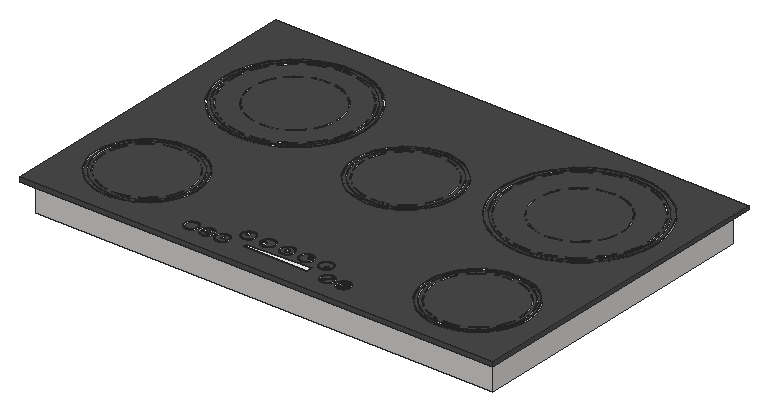
Revit family "QF_Summit_CR5B30T7B_Electric Cooktop", category Specialty Equipment, Revit 2020 (continued)
Lines and regions (in)
  symbolic lines
    curve 439: line (10.94325, -18.81415, 0) -> (10.81465, -18.81415, 0)
    curve 440: arc (12.19537, -19.01629, 0) -> (11.76668, -18.5876, 0) -> (11.33799, -19.01629, 0) r 0.42869
    curve 441: arc (11.33799, -19.01629, 0) -> (11.76668, -19.44498, 0) -> (12.19537, -19.01629, 0) r 0.42869
    curve 442: arc (11.36924, -19.01629, 0) -> (11.76668, -18.61885, 0) -> (12.16412, -19.01629, 0) r 0.39744
    curve 443: arc (12.16412, -19.01629, 0) -> (11.76668, -19.41373, 0) -> (11.36924, -19.01629, 0) r 0.39744
    curve 444: line (11.74911, -18.68294, 0) -> (11.71539, -19.06837, 0)
    curve 445: line (11.71539, -19.06837, 0) -> (12.09407, -19.0016, 0)
    curve 446: line (12.09407, -19.0016, 0) -> (11.78491, -18.97455, 0)
    curve 447: line (11.78491, -18.97455, 0) -> (11.74911, -18.68294, 0)
    curve 448: arc (13.03861, -18.0167, 0) -> (12.64117, -18.41414, 0) -> (12.24373, -18.0167, 0) r 0.39744
    curve 449: arc (12.24373, -18.0167, 0) -> (12.64117, -17.61926, 0) -> (13.03861, -18.0167, 0) r 0.39744
    curve 450: arc (12.21248, -18.0167, 0) -> (12.64117, -18.44539, 0) -> (13.06986, -18.0167, 0) r 0.42869
    curve 451: arc (13.06986, -18.0167, 0) -> (12.64117, -17.58801, 0) -> (12.21248, -18.0167, 0) r 0.42869
    curve 452: arc (12.34478, -17.85461, 0) -> (12.48012, -17.98995, 0) -> (12.61546, -17.85461, 0) r 0.13534
    curve 453: arc (12.61546, -17.85461, 0) -> (12.48012, -17.71928, 0) -> (12.34478, -17.85461, 0) r 0.13534
    curve 454: arc (14.30295, -18.0167, 0) -> (13.90551, -18.41414, 0) -> (13.50807, -18.0167, 0) r 0.39744
    curve 455: arc (13.50807, -18.0167, 0) -> (13.90551, -17.61926, 0) -> (14.30295, -18.0167, 0) r 0.39744
    curve 456: arc (13.47682, -18.0167, 0) -> (13.90551, -18.44539, 0) -> (14.3342, -18.0167, 0) r 0.42869
    curve 457: arc (14.3342, -18.0167, 0) -> (13.90551, -17.58801, 0) -> (13.47682, -18.0167, 0) r 0.42869
    curve 458: arc (13.87979, -18.17878, 0) -> (13.74445, -18.04344, 0) -> (13.60911, -18.17878, 0) r 0.13534
    curve 459: arc (13.60911, -18.17878, 0) -> (13.74445, -18.31411, 0) -> (13.87979, -18.17878, 0) r 0.13534
    curve 460: arc (15.55369, -18.0167, 0) -> (15.125, -17.58801, 0) -> (14.69631, -18.0167, 0) r 0.42869
    curve 461: arc (14.69631, -18.0167, 0) -> (15.125, -18.44539, 0) -> (15.55369, -18.0167, 0) r 0.42869
    curve 462: arc (14.72756, -18.0167, 0) -> (15.125, -17.61926, 0) -> (15.52244, -18.0167, 0) r 0.39744
    curve 463: arc (15.52244, -18.0167, 0) -> (15.125, -18.41414, 0) -> (14.72756, -18.0167, 0) r 0.39744
    curve 464: arc (15.26034, -18.0167, 0) -> (15.125, -17.88136, 0) -> (14.98966, -18.0167, 0) r 0.13534
    curve 465: arc (14.98966, -18.0167, 0) -> (15.125, -18.15203, 0) -> (15.26034, -18.0167, 0) r 0.13534
    curve 466: arc (16.77318, -18.0167, 0) -> (16.34449, -17.58801, 0) -> (15.9158, -18.0167, 0) r 0.42869
    curve 467: arc (15.9158, -18.0167, 0) -> (16.34449, -18.44539, 0) -> (16.77318, -18.0167, 0) r 0.42869
    curve 468: arc (15.94705, -18.0167, 0) -> (16.34449, -17.61926, 0) -> (16.74193, -18.0167, 0) r 0.39744
    curve 469: arc (16.74193, -18.0167, 0) -> (16.34449, -18.41414, 0) -> (15.94705, -18.0167, 0) r 0.39744
    curve 470: arc (16.37021, -17.85461, 0) -> (16.50555, -17.98995, 0) -> (16.64089, -17.85461, 0) r 0.13534
    curve 471: arc (16.64089, -17.85461, 0) -> (16.50555, -17.71928, 0) -> (16.37021, -17.85461, 0) r 0.13534
    curve 472: arc (18.03752, -18.0167, 0) -> (17.60883, -17.58801, 0) -> (17.18014, -18.0167, 0) r 0.42869
    curve 473: arc (17.18014, -18.0167, 0) -> (17.60883, -18.44539, 0) -> (18.03752, -18.0167, 0) r 0.42869
    curve 474: arc (17.21139, -18.0167, 0) -> (17.60883, -17.61926, 0) -> (18.00627, -18.0167, 0) r 0.39744
    curve 475: arc (18.00627, -18.0167, 0) -> (17.60883, -18.41414, 0) -> (17.21139, -18.0167, 0) r 0.39744
    curve 476: arc (17.63454, -18.17878, 0) -> (17.76988, -18.31411, 0) -> (17.90522, -18.17878, 0) r 0.13534
    curve 477: arc (17.90522, -18.17878, 0) -> (17.76988, -18.04344, 0) -> (17.63454, -18.17878, 0) r 0.13534
    curve 478: line (17.16869, -18.61535, 0) -> (13.138, -18.81753, 0)
    curve 479: line (13.138, -18.81753, 0) -> (13.138, -19.03275, 0)
    curve 480: line (13.138, -19.03275, 0) -> (17.16869, -19.03275, 0)
    curve 481: line (17.16869, -19.03275, 0) -> (17.16869, -18.61535, 0)
    curve 482: arc (18.07889, -19.01629, 0) -> (18.50758, -19.44498, 0) -> (18.93627, -19.01629, 0) r 0.42869
    curve 483: arc (18.93627, -19.01629, 0) -> (18.50758, -18.5876, 0) -> (18.07889, -19.01629, 0) r 0.42869
    curve 484: arc (18.90502, -19.01629, 0) -> (18.50758, -19.41373, 0) -> (18.11014, -19.01629, 0) r 0.39744
    curve 485: arc (18.11014, -19.01629, 0) -> (18.50758, -18.61885, 0) -> (18.90502, -19.01629, 0) r 0.39744
    curve 486: line (18.62904, -18.84959, 0) -> (18.26722, -19.21141, 0)
    curve 487: line (18.26722, -19.21141, 0) -> (18.31125, -19.25544, 0)
    curve 488: line (18.31125, -19.25544, 0) -> (18.67307, -18.89362, 0)
    curve 489: arc (18.67307, -18.89362, 0) -> (18.74811, -18.77455, 0) -> (18.62904, -18.84959, 0) r 0.07216
    curve 490: arc (19.95944, -19.01629, 0) -> (19.53075, -18.5876, 0) -> (19.10206, -19.01629, 0) r 0.42869
    curve 491: arc (19.10206, -19.01629, 0) -> (19.53075, -19.44498, 0) -> (19.95944, -19.01629, 0) r 0.42869
    curve 492: arc (19.16456, -19.01629, 0) -> (19.53075, -18.6501, 0) -> (19.89694, -19.01629, 0) r 0.36619
    curve 493: arc (19.89694, -19.01629, 0) -> (19.53075, -19.38248, 0) -> (19.16456, -19.01629, 0) r 0.36619
    curve 494: arc (19.4851, -18.7705, 0) -> (19.53075, -19.26629, 0) -> (19.5764, -18.7705, 0) r 0.25
    curve 495: line (19.5764, -18.7705, 0) -> (19.5764, -18.68315, 0)
    curve 496: line (19.5764, -18.68315, 0) -> (19.4851, -18.68315, 0)
    curve 497: line (19.4851, -18.68315, 0) -> (19.4851, -18.7705, 0)
    curve 498: arc (19.5764, -18.83444, 0) -> (19.53075, -19.20379, 0) -> (19.4851, -18.83444, 0) r 0.1875
    curve 499: line (19.4851, -18.83444, 0) -> (19.4851, -18.96067, 0)
    curve 500: line (19.4851, -18.96067, 0) -> (19.5764, -18.96067, 0)
    curve 501: line (19.5764, -18.96067, 0) -> (19.5764, -18.83444, 0)
Dimensions and locks (in)
  equal spacing: plane 3 "LEFT", plane 7 "Center Y", plane 4 "RIGHT"
  "Length": plane 3 "LEFT" to plane 4 "RIGHT"
  equal spacing: plane 5 "FRONT", plane 8 "Center X", plane 1 "BACK"
  "Depth": plane 5 "FRONT" to plane 1 "BACK"
  "Height": plane 6 "TOP" to level
  plane 10 to plane 9 = 19 1/4"
  plane 11 to plane 12 = 29 1/4"  (x2)
  plane 6 "TOP" to plane 13 = 1/4"
  plane 13 to plane 2 = 1.88"
  plane 11 to plane 3 "LEFT" = 1/2"
  plane 4 "RIGHT" to plane 12 = 1/2"
  plane 4 "RIGHT" to plane 3 "LEFT" = 30 1/4"
  locked: plane 2 to plane 14 at 1
  aligned and locked: level to plane 2
Automatic sketch dimensions
  Extrusion 3 sketch curve to Extrusion 5 = 0"  (x3)
  Extrusion 5 to Extrusion 3 sketch curve = 0"
  Extrusion 4 sketch curve to plane 10 = 0.36025"
  Extrusion 4 sketch curve to plane 12 = 14 5/8"
  Extrusion 5 sketch curve to plane 10 = 0"
  Extrusion 5 sketch curve to plane 12 = 0"
  Extrusion 5 sketch curve to plane 11 = 0"
  plane 9 to Extrusion 5 sketch curve = 0"
  Extrusion 5 sketch curve to plane 12 = 1/16"
  Extrusion 5 sketch curve to plane 11 = 1/16"
  Extrusion 5 sketch curve to plane 10 = 1/16"
  Extrusion 5 sketch curve to plane 9 = 1/16"
  Extrusion 1 sketch curve to Extrusion 1 sketch curve = 0"  (x436)
  plane 1 "BACK" to Extrusion 1 sketch curve = 0"
  Extrusion 1 sketch curve to plane 4 "RIGHT" = 0"
  Extrusion 1 sketch curve to plane 7 "Center Y" = 0"  (x2)
  Extrusion 1 sketch curve to plane 3 "LEFT" = 0"
  plane 5 "FRONT" to Extrusion 1 sketch curve = 0"
  Extrusion 1 sketch curve to plane 12 = 1.07555"
  Extrusion 1 sketch curve to Extrusion 1 sketch curve = 0.02973"
  Extrusion 1 sketch curve to Extrusion 1 sketch curve = 1/32"  (x12)
  Extrusion 1 sketch curve to Extrusion 1 sketch curve = 0.03104"
  Extrusion 1 sketch curve to Extrusion 1 sketch curve = 0.08627"
  Extrusion 1 sketch curve to Extrusion 1 sketch curve = 0.03042"
  Extrusion 1 sketch curve to plane 12 = 1.25123"
  Extrusion 1 sketch curve to Extrusion 1 sketch curve = 0.0089"  (x3)
  Extrusion 1 sketch curve to Extrusion 1 sketch curve = 0.0308"  (x6)
  Extrusion 1 sketch curve to Extrusion 1 sketch curve = 0.10949"
  Extrusion 1 sketch curve to Extrusion 1 sketch curve = 0.21075"
  Extrusion 1 sketch curve to Extrusion 1 sketch curve = 0.02942"  (x3)
  Extrusion 1 sketch curve to Extrusion 1 sketch curve = 0.02932"
  Extrusion 1 sketch curve to Extrusion 1 sketch curve = 0.1292"  (x3)
  Extrusion 1 sketch curve to Extrusion 1 sketch curve = 0.02944"  (x3)
  Extrusion 1 sketch curve to Extrusion 1 sketch curve = 0.15379"
  Extrusion 1 sketch curve to Extrusion 1 sketch curve = 0.02803"
  Extrusion 1 sketch curve to Extrusion 1 sketch curve = 0.16542"  (x3)
  Extrusion 1 sketch curve to Extrusion 1 sketch curve = 0.30898"  (x3)
  Extrusion 1 sketch curve to Extrusion 1 sketch curve = 0.02725"  (x3)
  Extrusion 1 sketch curve to Extrusion 1 sketch curve = 0.02697"  (x2)
  Extrusion 1 sketch curve to Extrusion 1 sketch curve = 0.45394"
  Extrusion 1 sketch curve to Extrusion 1 sketch curve = 0.026"
  Extrusion 1 sketch curve to Extrusion 1 sketch curve = 0.24103"  (x3)
  Extrusion 1 sketch curve to Extrusion 1 sketch curve = 0.02218"  (x5)
  Extrusion 1 sketch curve to Extrusion 1 sketch curve = 0.24757"
  Extrusion 1 sketch curve to Extrusion 1 sketch curve = 0.02406"
  plane 8 "Center X" to Extrusion 1 sketch curve = 1.36218"
  Extrusion 1 sketch curve to Extrusion 1 sketch curve = 0.56594"
  plane 8 "Center X" to Extrusion 1 sketch curve = 1.38435"
  Extrusion 1 sketch curve to Extrusion 1 sketch curve = 0.02217"
  Extrusion 1 sketch curve to Extrusion 1 sketch curve = 0.6225"  (x3)
  Extrusion 1 sketch curve to Extrusion 1 sketch curve = 0.0222"  (x9)
  plane 8 "Center X" to Extrusion 1 sketch curve = 1.02088"
  Extrusion 1 sketch curve to Extrusion 1 sketch curve = 0.32279"
  plane 8 "Center X" to Extrusion 1 sketch curve = 1 11/256"
  Extrusion 1 sketch curve to Extrusion 1 sketch curve = 0.0221"  (x2)
  Extrusion 1 sketch curve to Extrusion 1 sketch curve = 0.34188"  (x3)
  Extrusion 1 sketch curve to plane 9 = 1.44281"  (x2)
  Extrusion 1 sketch curve to Extrusion 1 sketch curve = 0.71347"
  Extrusion 1 sketch curve to Extrusion 1 sketch curve = 0.01584"  (x3)
  Extrusion 1 sketch curve to plane 9 = 1.46984"  (x2)
  Extrusion 1 sketch curve to Extrusion 1 sketch curve = 0.01567"
  Extrusion 1 sketch curve to Extrusion 1 sketch curve = 1.62676"
  Extrusion 1 sketch curve to Extrusion 1 sketch curve = 0.00558"  (x3)
  Extrusion 1 sketch curve to Extrusion 1 sketch curve = 0.03083"  (x3)
  Extrusion 1 sketch curve to plane 10 = 1.83822"
  Extrusion 1 sketch curve to Extrusion 1 sketch curve = 0.78474"
  Extrusion 1 sketch curve to Extrusion 1 sketch curve = 0.14583"  (x2)
  Extrusion 1 sketch curve to plane 10 = 1.8606"
  Extrusion 1 sketch curve to Extrusion 1 sketch curve = 0.02238"
  Extrusion 1 sketch curve to Extrusion 1 sketch curve = 0.02924"
  Extrusion 1 sketch curve to plane 9 = 1.24163"  (x2)
  Extrusion 1 sketch curve to Extrusion 1 sketch curve = 0.41133"  (x3)
  Extrusion 1 sketch curve to plane 9 = 1.27092"  (x2)
  Extrusion 1 sketch curve to Extrusion 1 sketch curve = 0.01087"  (x3)
  Extrusion 1 sketch curve to Extrusion 1 sketch curve = 0.144"  (x2)
  plane 8 "Center X" to Extrusion 1 sketch curve = 2.82916"  (x2)
  Extrusion 1 sketch curve to Extrusion 1 sketch curve = 0.30773"  (x2)
  Extrusion 1 sketch curve to Extrusion 1 sketch curve = 0.02727"  (x2)
  plane 8 "Center X" to Extrusion 1 sketch curve = 2.84492"  (x2)
  Extrusion 1 sketch curve to Extrusion 1 sketch curve = 0.02698"  (x4)
  Extrusion 1 sketch curve to Extrusion 1 sketch curve = 0.31987"
  Extrusion 1 sketch curve to Extrusion 1 sketch curve = 0.0159"
  plane 8 "Center X" to Extrusion 1 sketch curve = 0.39339"
  Extrusion 1 sketch curve to Extrusion 1 sketch curve = 0.81968"
  plane 8 "Center X" to Extrusion 1 sketch curve = 0.42049"
  Extrusion 1 sketch curve to Extrusion 1 sketch curve = 0.2392"  (x2)
  Extrusion 1 sketch curve to Extrusion 1 sketch curve = 0.89021"  (x2)
  Extrusion 1 sketch curve to Extrusion 1 sketch curve = 0.00564"  (x3)
  plane 8 "Center X" to Extrusion 1 sketch curve = 0.18426"
  Extrusion 1 sketch curve to Extrusion 1 sketch curve = 0.39751"
  plane 8 "Center X" to Extrusion 1 sketch curve = 0.21284"
  Extrusion 1 sketch curve to Extrusion 1 sketch curve = 0.01263"
  Extrusion 1 sketch curve to Extrusion 1 sketch curve = 0.6468"  (x2)
  Extrusion 1 sketch curve to Extrusion 1 sketch curve = 0.01961"  (x2)
  Extrusion 1 sketch curve to Extrusion 1 sketch curve = 0.46522"  (x2)
  Extrusion 1 sketch curve to Extrusion 1 sketch curve = 0.94381"  (x2)
  Extrusion 1 sketch curve to Extrusion 1 sketch curve = 2.36908"
  Extrusion 1 sketch curve to Extrusion 1 sketch curve = 0.31105"  (x2)
  Extrusion 1 sketch curve to Extrusion 1 sketch curve = 0.01585"  (x2)
  plane 8 "Center X" to Extrusion 1 sketch curve = 1.82823"  (x2)
  Extrusion 1 sketch curve to Extrusion 1 sketch curve = 0.7223"
  plane 8 "Center X" to Extrusion 1 sketch curve = 1.85537"  (x2)
  Extrusion 1 sketch curve to Extrusion 1 sketch curve = 0.0155"
  Extrusion 1 sketch curve to plane 10 = 1.17956"
  Extrusion 1 sketch curve to Extrusion 1 sketch curve = 0.98413"
  Extrusion 1 sketch curve to plane 10 = 1.20955"
  Extrusion 1 sketch curve to Extrusion 1 sketch curve = 0.00881"
  Extrusion 1 sketch curve to plane 9 = 1.13174"  (x2)
  Extrusion 1 sketch curve to Extrusion 1 sketch curve = 0.42951"  (x2)
  Extrusion 1 sketch curve to plane 9 = 1.10086"  (x2)
  Extrusion 1 sketch curve to Extrusion 1 sketch curve = 0.00477"  (x3)
  plane 8 "Center X" to Extrusion 1 sketch curve = 1.63167"  (x2)
  Extrusion 1 sketch curve to Extrusion 1 sketch curve = 0.40878"  (x2)
  plane 8 "Center X" to Extrusion 1 sketch curve = 1.66104"  (x2)
  Extrusion 1 sketch curve to Extrusion 1 sketch curve = 0.01068"  (x2)
  Extrusion 1 sketch curve to plane 10 = 1.07171"
  Extrusion 1 sketch curve to Extrusion 1 sketch curve = 0.44632"
  Extrusion 1 sketch curve to plane 10 = 1.10246"
  Extrusion 1 sketch curve to plane 8 "Center X" = 0.12469"
  Extrusion 1 sketch curve to Extrusion 1 sketch curve = 1.00236"
  Extrusion 1 sketch curve to plane 8 "Center X" = 0.09392"
  Extrusion 1 sketch curve to plane 8 "Center X" = 3.20475"
  Extrusion 1 sketch curve to Extrusion 1 sketch curve = 0.97809"  (x2)
  Extrusion 1 sketch curve to plane 8 "Center X" = 3.17542"
  Extrusion 1 sketch curve to Extrusion 1 sketch curve = 0.01079"  (x3)
  Extrusion 1 sketch curve to Extrusion 1 sketch curve = 0.92879"
  Extrusion 1 sketch curve to Extrusion 1 sketch curve = 0.00512"
  Extrusion 1 sketch curve to plane 8 "Center X" = 0.18034"
  Extrusion 1 sketch curve to Extrusion 1 sketch curve = 0.44241"
  Extrusion 1 sketch curve to plane 8 "Center X" = 3.41119"
  Extrusion 1 sketch curve to Extrusion 1 sketch curve = 0.43746"  (x3)
  Extrusion 1 sketch curve to Extrusion 1 sketch curve = 0.38206"  (x2)
  Extrusion 1 sketch curve to plane 8 "Center X" = 3.38422"
  Extrusion 1 sketch curve to Extrusion 1 sketch curve = 0.01578"  (x3)
  Extrusion 1 sketch curve to plane 9 = 1.48712"  (x2)
  Extrusion 1 sketch curve to Extrusion 1 sketch curve = 0.98732"  (x2)
  Extrusion 1 sketch curve to plane 9 = 1.46029"  (x2)
  Extrusion 1 sketch curve to Extrusion 1 sketch curve = 0.94818"  (x2)
  Extrusion 1 sketch curve to plane 10 = 1.04045"
  Extrusion 1 sketch curve to plane 10 = 1.00926"
  Extrusion 1 sketch curve to plane 9 = 1.72411"
  Extrusion 1 sketch curve to Extrusion 1 sketch curve = 0.33695"  (x3)
  Extrusion 1 sketch curve to plane 9 = 1.70191"
  plane 8 "Center X" to Extrusion 1 sketch curve = 1.53785"  (x2)
  Extrusion 1 sketch curve to Extrusion 1 sketch curve = 0.44804"  (x2)
  plane 8 "Center X" to Extrusion 1 sketch curve = 1.50707"  (x2)
  Extrusion 1 sketch curve to Extrusion 1 sketch curve = 0.00537"  (x2)
  Extrusion 1 sketch curve to plane 8 "Center X" = 4.02727"
  Extrusion 1 sketch curve to plane 8 "Center X" = 4.00731"
  Extrusion 1 sketch curve to plane 10 = 1.09417"
  Extrusion 1 sketch curve to Extrusion 1 sketch curve = 0.4638"
  Extrusion 1 sketch curve to plane 10 = 1.06337"
  Extrusion 1 sketch curve to Extrusion 1 sketch curve = 0.00525"
  Extrusion 1 sketch curve to plane 8 "Center X" = 0.09403"
  Extrusion 1 sketch curve to Extrusion 1 sketch curve = 1.07961"
  Extrusion 1 sketch curve to plane 8 "Center X" = 0.1248"
  Extrusion 1 sketch curve to Extrusion 1 sketch curve = 0.25346"  (x3)
  Extrusion 1 sketch curve to Extrusion 1 sketch curve = 0.02693"  (x3)
  Extrusion 1 sketch curve to plane 9 = 2.50315"
  Extrusion 1 sketch curve to plane 10 = 2.86158"
  Extrusion 1 sketch curve to Extrusion 1 sketch curve = 1.01341"  (x2)
  Extrusion 1 sketch curve to plane 10 = 2.8323"
  Extrusion 1 sketch curve to Extrusion 1 sketch curve = 0.01092"  (x2)
  Extrusion 1 sketch curve to plane 9 = 2.48788"
  Extrusion 1 sketch curve to plane 9 = 2.90103"
  Extrusion 1 sketch curve to Extrusion 1 sketch curve = 0.18281"  (x3)
  Extrusion 1 sketch curve to plane 9 = 2.89029"
  Extrusion 1 sketch curve to Extrusion 1 sketch curve = 0.02935"  (x3)
  plane 8 "Center X" to Extrusion 1 sketch curve = 0.00709"
  Extrusion 1 sketch curve to Extrusion 1 sketch curve = 0.43933"
  Extrusion 1 sketch curve to plane 8 "Center X" = 0.02297"
  Extrusion 1 sketch curve to Extrusion 1 sketch curve = 0.00857"
  Extrusion 1 sketch curve to plane 9 = 4.30796"
  Extrusion 1 sketch curve to Extrusion 1 sketch curve = 0.3401"  (x3)
  Extrusion 1 sketch curve to plane 9 = 4.31324"
  Extrusion 1 sketch curve to Extrusion 1 sketch curve = 0.03919"  (x3)
  Extrusion 1 sketch curve to plane 10 = 3.04902"
  Extrusion 1 sketch curve to Extrusion 1 sketch curve = 0.39984"  (x2)
  Extrusion 1 sketch curve to plane 10 = 3.02189"
  Extrusion 1 sketch curve to Extrusion 1 sketch curve = 0.01552"  (x2)
  plane 8 "Center X" to Extrusion 1 sketch curve = 1.87772"  (x2)
  plane 8 "Center X" to Extrusion 1 sketch curve = 1.85084"  (x2)
  plane 8 "Center X" to Extrusion 1 sketch curve = 2.12419"
  Extrusion 1 sketch curve to Extrusion 1 sketch curve = 0.34962"  (x2)
  Extrusion 1 sketch curve to plane 10 = 1.39759"
  plane 8 "Center X" to Extrusion 1 sketch curve = 2.10015"
  Extrusion 1 sketch curve to Extrusion 1 sketch curve = 0.01996"  (x2)
  Extrusion 1 sketch curve to plane 10 = 1.36895"
  Extrusion 1 sketch curve to plane 10 = 3.67913"
  Extrusion 1 sketch curve to plane 10 = 3.65924"
  plane 8 "Center X" to Extrusion 1 sketch curve = 53/128"
  plane 8 "Center X" to Extrusion 1 sketch curve = 0.38691"
  Extrusion 1 sketch curve to plane 10 = 1.61686"
  Extrusion 1 sketch curve to Extrusion 1 sketch curve = 0.43463"
  Extrusion 1 sketch curve to plane 10 = 1.58978"
  Extrusion 1 sketch curve to Extrusion 1 sketch curve = 1/64"
  Extrusion 1 sketch curve to Extrusion 1 sketch curve = 0.2443"  (x2)
  Extrusion 1 sketch curve to Extrusion 1 sketch curve = 0.02692"  (x2)
  plane 8 "Center X" to Extrusion 1 sketch curve = 2.88316"
  plane 8 "Center X" to Extrusion 1 sketch curve = 2.86784"
  plane 8 "Center X" to Extrusion 1 sketch curve = 0.66354"
  Extrusion 1 sketch curve to Extrusion 1 sketch curve = 0.38837"
  Extrusion 1 sketch curve to Extrusion 1 sketch curve = 0.18999"  (x2)
  plane 8 "Center X" to Extrusion 1 sketch curve = 0.63817"
  Extrusion 1 sketch curve to Extrusion 1 sketch curve = 0.01825"
  plane 8 "Center X" to Extrusion 1 sketch curve = 4.70503"
  Extrusion 1 sketch curve to Extrusion 1 sketch curve = 0.3326"  (x2)
  plane 8 "Center X" to Extrusion 1 sketch curve = 4.71065"
  Extrusion 1 sketch curve to Extrusion 1 sketch curve = 0.03074"  (x5)
  Extrusion 1 sketch curve to Extrusion 1 sketch curve = 0.03902"  (x2)
  Extrusion 1 sketch curve to Extrusion 1 sketch curve = 0.03131"  (x3)
  Extrusion 1 sketch curve to plane 10 = 2.23507"
  Extrusion 1 sketch curve to plane 10 = 2.21296"
  Extrusion 1 sketch curve to plane 10 = 2.5831"
  Extrusion 1 sketch curve to Extrusion 1 sketch curve = 0.3285"
  plane 8 "Center X" to Extrusion 1 sketch curve = 1.39617"
  Extrusion 1 sketch curve to plane 10 = 2.56292"
  Extrusion 1 sketch curve to Extrusion 1 sketch curve = 0.02386"
  plane 8 "Center X" to Extrusion 1 sketch curve = 1.37399"
  plane 8 "Center X" to Extrusion 1 sketch curve = 1.77061"
  Extrusion 1 sketch curve to Extrusion 1 sketch curve = 0.28259"
  plane 8 "Center X" to Extrusion 1 sketch curve = 1.75315"
  Extrusion 1 sketch curve to Extrusion 1 sketch curve = 0.02592"
  Extrusion 1 sketch curve to plane 10 = 3.46689"
  Extrusion 1 sketch curve to plane 10 = 3.45302"
  Extrusion 1 sketch curve to Extrusion 1 sketch curve = 0.17561"
  plane 8 "Center X" to Extrusion 1 sketch curve = 2.73176"
  Extrusion 1 sketch curve to Extrusion 1 sketch curve = 0.02926"
  plane 8 "Center X" to Extrusion 1 sketch curve = 2.72116"
  Extrusion 1 sketch curve to Extrusion 1 sketch curve = 0.13097"
  Extrusion 1 sketch curve to Extrusion 1 sketch curve = 0.03033"
  Extrusion 1 sketch curve to Extrusion 1 sketch curve = 0.25109"
  Extrusion 1 sketch curve to Extrusion 1 sketch curve = 0.02761"
  Extrusion 1 sketch curve to Extrusion 1 sketch curve = 0.03105"
  Extrusion 1 sketch curve to plane 9 = 1.19185"
  Extrusion 1 sketch curve to Extrusion 1 sketch curve = 3.53945"
  Extrusion 1 sketch curve to Extrusion 1 sketch curve = 0.04565"  (x2)
  Extrusion 1 sketch curve to Extrusion 1 sketch curve = 0.0913"
  Extrusion 1 sketch curve to Extrusion 1 sketch curve = 0.78802"
  Extrusion 1 sketch curve to plane 9 = 0.98138"
  Extrusion 1 sketch curve to Extrusion 1 sketch curve = 0.02402"
  Extrusion 1 sketch curve to plane 9 = 1.02541"
  Extrusion 1 sketch curve to Extrusion 1 sketch curve = 0.04403"
  Extrusion 1 sketch curve to Extrusion 1 sketch curve = 0.16549"
  Extrusion 1 sketch curve to plane 9 = 0.61956"
  Extrusion 1 sketch curve to Extrusion 1 sketch curve = 0.19633"
  Extrusion 1 sketch curve to Extrusion 1 sketch curve = 2.21867"
  plane 8 "Center X" to Extrusion 1 sketch curve = 1.24555"
  plane 8 "Center X" to Extrusion 1 sketch curve = 1.25085"
  Extrusion 1 sketch curve to Extrusion 1 sketch curve = 0.85916"
  Extrusion 1 sketch curve to Extrusion 1 sketch curve = 0.16105"  (x4)
  plane 8 "Center X" to Extrusion 1 sketch curve = 0.31449"
  plane 8 "Center X" to Extrusion 1 sketch curve = 0.33027"
  Extrusion 1 sketch curve to plane 8 "Center X" = 0.06624"
  Extrusion 1 sketch curve to plane 8 "Center X" = 0.04406"
  Extrusion 1 sketch curve to Extrusion 1 sketch curve = 0.60119"
  Extrusion 1 sketch curve to plane 8 "Center X" = 0.68519"
  Extrusion 1 sketch curve to Extrusion 1 sketch curve = 0.66314"
  Extrusion 1 sketch curve to plane 8 "Center X" = 0.65815"
  plane 7 "Center Y" to Extrusion 1 sketch curve = 0.5008"
  plane 7 "Center Y" to Extrusion 1 sketch curve = 0.02994"
  plane 7 "Center Y" to Extrusion 1 sketch curve = 0.01071"
  Extrusion 1 sketch curve to plane 7 "Center Y" = 0.41879"
  Extrusion 1 sketch curve to plane 7 "Center Y" = 0.94814"
  Extrusion 1 sketch curve to Extrusion 1 sketch curve = 1.21949"
  Extrusion 1 sketch curve to plane 8 "Center X" = 0.64087"
  Extrusion 1 sketch curve to plane 8 "Center X" = 0.6677"
  Extrusion 1 sketch curve to Extrusion 1 sketch curve = 0.01601"
  Extrusion 1 sketch curve to plane 8 "Center X" = 0.40388"
  Extrusion 1 sketch curve to plane 8 "Center X" = 0.42608"
  Extrusion 1 sketch curve to Extrusion 1 sketch curve = 0.60645"
  Extrusion 1 sketch curve to Extrusion 1 sketch curve = 0.72622"  (x2)
  Extrusion 1 sketch curve to Extrusion 1 sketch curve = 0.02404"  (x2)
  plane 8 "Center X" to Extrusion 1 sketch curve = 0.37516"
  plane 8 "Center X" to Extrusion 1 sketch curve = 0.35989"
  Extrusion 1 sketch curve to Extrusion 1 sketch curve = 0.49683"
  plane 8 "Center X" to Extrusion 1 sketch curve = 0.77304"
  plane 8 "Center X" to Extrusion 1 sketch curve = 0.7623"
  Extrusion 1 sketch curve to plane 9 = 0.8734"
  Extrusion 1 sketch curve to Extrusion 1 sketch curve = 1.04393"
  Extrusion 1 sketch curve to plane 9 = 0.90045"
  Extrusion 1 sketch curve to Extrusion 1 sketch curve = 0.30916"
  Extrusion 1 sketch curve to Extrusion 1 sketch curve = 0.01824"
  Extrusion 1 sketch curve to plane 9 = 1.19206"
  Extrusion 1 sketch curve to Extrusion 1 sketch curve = 0.0358"
  Extrusion 1 sketch curve to plane 9 = 0.80663"
  Extrusion 1 sketch curve to Extrusion 1 sketch curve = 0.05129"
  Extrusion 1 sketch curve to Extrusion 1 sketch curve = 0.77213"
  Extrusion 1 sketch curve to Extrusion 1 sketch curve = 0.12861"
  Extrusion 1 sketch curve to plane 9 = 0.87399"
  Extrusion 1 sketch curve to Extrusion 1 sketch curve = 0.02614"
  Extrusion 1 sketch curve to Extrusion 1 sketch curve = 0.01602"
  Extrusion 1 sketch curve to plane 9 = 0.73531"
  Extrusion 1 sketch curve to Extrusion 1 sketch curve = 0.23417"
  Extrusion 1 sketch curve to Extrusion 1 sketch curve = 2.65707"
  Extrusion 1 sketch curve to Extrusion 1 sketch curve = 0.02523"
  Extrusion 1 sketch curve to Extrusion 1 sketch curve = 0.03106"
  Extrusion 1 sketch curve to plane 10 = 4.40116"
  Extrusion 1 sketch curve to Extrusion 1 sketch curve = 0.09582"
  Extrusion 1 sketch curve to plane 10 = 4.40891"
  Extrusion 1 sketch curve to Extrusion 1 sketch curve = 0.11191"
  plane 8 "Center X" to Extrusion 1 sketch curve = 2.74713"
  Extrusion 1 sketch curve to Extrusion 1 sketch curve = 0.21885"
  Extrusion 1 sketch curve to Extrusion 1 sketch curve = 0.02918"
  Extrusion 1 sketch curve to Extrusion 1 sketch curve = 0.76583"
  plane 8 "Center X" to Extrusion 1 sketch curve = 2.75844"
  Extrusion 1 sketch curve to Extrusion 1 sketch curve = 0.02913"
  Extrusion 1 sketch curve to Extrusion 1 sketch curve = 0.17154"
  Extrusion 1 sketch curve to Extrusion 1 sketch curve = 0.02759"
  Extrusion 1 sketch curve to plane 10 = 3.04281"
  Extrusion 1 sketch curve to Extrusion 1 sketch curve = 0.46243"
  Extrusion 1 sketch curve to plane 10 = 3.06102"
  Extrusion 1 sketch curve to Extrusion 1 sketch curve = 0.02539"
  Extrusion 1 sketch curve to Extrusion 1 sketch curve = 0.27174"
  plane 8 "Center X" to Extrusion 1 sketch curve = 1.47887"
  Extrusion 1 sketch curve to Extrusion 1 sketch curve = 0.55838"
  Extrusion 1 sketch curve to Extrusion 1 sketch curve = 0.02212"  (x2)
  plane 8 "Center X" to Extrusion 1 sketch curve = 1.50099"
  Extrusion 1 sketch curve to Extrusion 1 sketch curve = 1.27803"
  plane 8 "Center X" to Extrusion 1 sketch curve = 1.15349"
  Extrusion 1 sketch curve to Extrusion 1 sketch curve = 0.33332"
  plane 8 "Center X" to Extrusion 1 sketch curve = 1.17565"
  Extrusion 1 sketch curve to Extrusion 1 sketch curve = 0.02215"
  Extrusion 1 sketch curve to plane 10 = 4.43798"
  Extrusion 1 sketch curve to plane 10 = 4.44901"
  Extrusion 1 sketch curve to plane 10 = 2.04153"
  Extrusion 1 sketch curve to Extrusion 1 sketch curve = 0.71226"
  Extrusion 1 sketch curve to plane 10 = 2.06745"
  Extrusion 1 sketch curve to Extrusion 1 sketch curve = 0.01745"
  plane 8 "Center X" to Extrusion 1 sketch curve = 2.45063"
  plane 8 "Center X" to Extrusion 1 sketch curve = 2.47282"
  Extrusion 1 sketch curve to plane 10 = 1.80136"
  Extrusion 1 sketch curve to Extrusion 1 sketch curve = 0.38833"
  Extrusion 1 sketch curve to plane 10 = 1.82914"
  Extrusion 1 sketch curve to Extrusion 1 sketch curve = 0.01433"
  plane 8 "Center X" to Extrusion 1 sketch curve = 0.58609"
  plane 8 "Center X" to Extrusion 1 sketch curve = 0.61404"
  Extrusion 1 sketch curve to plane 10 = 3.26764"
  Extrusion 1 sketch curve to plane 10 = 3.29198"
  plane 8 "Center X" to Extrusion 1 sketch curve = 0.41847"
  Extrusion 1 sketch curve to Extrusion 1 sketch curve = 0.36906"
  plane 8 "Center X" to Extrusion 1 sketch curve = 0.44771"
  Extrusion 1 sketch curve to Extrusion 1 sketch curve = 0.01104"
  Extrusion 1 sketch curve to plane 10 = 3.03891"
  Extrusion 1 sketch curve to plane 10 = 3.06584"
  Extrusion 1 sketch curve to Extrusion 1 sketch curve = 2.4693"
  Extrusion 1 sketch curve to plane 9 = 3.37354"
  Extrusion 1 sketch curve to plane 9 = 4.77472"
  Extrusion 1 sketch curve to plane 9 = 4.76425"
  Extrusion 1 sketch curve to plane 9 = 2.44248"
  Extrusion 1 sketch curve to plane 9 = 2.45826"
  Extrusion 1 sketch curve to plane 10 = 1.4415"
  Extrusion 1 sketch curve to plane 10 = 1.47204"
  Extrusion 1 sketch curve to plane 9 = 2.06175"
  Extrusion 1 sketch curve to plane 9 = 2.08393"
  Extrusion 1 sketch curve to plane 10 = 2.69597"
  Extrusion 1 sketch curve to plane 10 = 2.7268"
  Extrusion 1 sketch curve to plane 10 = 1.37384"
  Extrusion 1 sketch curve to Extrusion 1 sketch curve = 0.40915"
  Extrusion 1 sketch curve to plane 10 = 1.4049"
  Extrusion 1 sketch curve to Extrusion 1 sketch curve = 0.00341"
  plane 8 "Center X" to Extrusion 1 sketch curve = 0.17417"
  plane 8 "Center X" to Extrusion 1 sketch curve = 0.20528"
  plane 8 "Center X" to Extrusion 1 sketch curve = 0.15716"
  Extrusion 1 sketch curve to Extrusion 1 sketch curve = 0.41987"
  Extrusion 1 sketch curve to plane 10 = 1.42726"
  Extrusion 1 sketch curve to plane 10 = 1.39637"
  Extrusion 1 sketch curve to plane 10 = 1.52886"
  Extrusion 1 sketch curve to Extrusion 1 sketch curve = 0.47212"
  Extrusion 1 sketch curve to plane 10 = 1.49876"
  Extrusion 1 sketch curve to Extrusion 1 sketch curve = 0.00839"
  plane 8 "Center X" to Extrusion 1 sketch curve = 0.34372"
  Extrusion 1 sketch curve to Extrusion 1 sketch curve = 1.06027"
  plane 8 "Center X" to Extrusion 1 sketch curve = 0.31367"
  plane 8 "Center X" to Extrusion 1 sketch curve = 0.48073"
  Extrusion 1 sketch curve to Extrusion 1 sketch curve = 0.39847"
  plane 8 "Center X" to Extrusion 1 sketch curve = 0.45175"
  Extrusion 1 sketch curve to Extrusion 1 sketch curve = 0.01169"
  Extrusion 1 sketch curve to plane 10 = 1.91189"
  Extrusion 1 sketch curve to plane 10 = 1.88476"
  Extrusion 1 sketch curve to Extrusion 1 sketch curve = 0.74742"
  Extrusion 1 sketch curve to Extrusion 1 sketch curve = 0.02411"
  Extrusion 1 sketch curve to Extrusion 1 sketch curve = 0.63308"
  Extrusion 1 sketch curve to Extrusion 1 sketch curve = 0.39692"
  Extrusion 1 sketch curve to Extrusion 1 sketch curve = 0.02724"
  Extrusion 1 sketch curve to Extrusion 1 sketch curve = 0.01859"
  plane 8 "Center X" to Extrusion 1 sketch curve = 0.99268"
  plane 8 "Center X" to Extrusion 1 sketch curve = 0.96768"
  plane 8 "Center X" to Extrusion 1 sketch curve = 1.29966"
  Extrusion 1 sketch curve to Extrusion 1 sketch curve = 0.36291"
  plane 8 "Center X" to Extrusion 1 sketch curve = 1.27756"
  Extrusion 1 sketch curve to Extrusion 1 sketch curve = 0.75024"
  Extrusion 1 sketch curve to Extrusion 1 sketch curve = 0.02441"
  Extrusion 1 sketch curve to Extrusion 1 sketch curve = 0.2558"
  Extrusion 1 sketch curve to Extrusion 1 sketch curve = 0.64884"
  Extrusion 1 sketch curve to Extrusion 1 sketch curve = 0.02639"
  Extrusion 1 sketch curve to Extrusion 1 sketch curve = 0.02659"
  Extrusion 1 sketch curve to Extrusion 1 sketch curve = 0.21868"
  Extrusion 1 sketch curve to Extrusion 1 sketch curve = 0.02828"
  Extrusion 1 sketch curve to Extrusion 1 sketch curve = 0.4318"
  Extrusion 1 sketch curve to Extrusion 1 sketch curve = 0.02974"
  Extrusion 1 sketch curve to Extrusion 1 sketch curve = 0.65171"
  Extrusion 1 sketch curve to Extrusion 1 sketch curve = 0.02726"
  Extrusion 1 sketch curve to Extrusion 1 sketch curve = 0.11408"
  Extrusion 1 sketch curve to Extrusion 1 sketch curve = 0.31254"
  Extrusion 1 sketch curve to Extrusion 1 sketch curve = 0.03063"
  Extrusion 1 sketch curve to Extrusion 1 sketch curve = 0.03071"
  Extrusion 1 sketch curve to Extrusion 1 sketch curve = 0.06155"
  Extrusion 1 sketch curve to Extrusion 1 sketch curve = 0.2339"
  Extrusion 1 sketch curve to Extrusion 1 sketch curve = 0.02512"
  Extrusion 1 sketch curve to Extrusion 1 sketch curve = 0.06722"
  Extrusion 1 sketch curve to Extrusion 1 sketch curve = 0.00514"
  Extrusion 1 sketch curve to Extrusion 1 sketch curve = 0.34736"
  Extrusion 1 sketch curve to Extrusion 1 sketch curve = 0.01734"
  Extrusion 1 sketch curve to Extrusion 1 sketch curve = 0.16032"
  Extrusion 1 sketch curve to Extrusion 1 sketch curve = 0.02712"
  Extrusion 1 sketch curve to Extrusion 1 sketch curve = 0.3418"
  Extrusion 1 sketch curve to Extrusion 1 sketch curve = 0.01673"
  Extrusion 1 sketch curve to Extrusion 1 sketch curve = 0.2018"
  Extrusion 1 sketch curve to Extrusion 1 sketch curve = 0.02433"
  Extrusion 1 sketch curve to Extrusion 1 sketch curve = 0.39385"
  Extrusion 1 sketch curve to Extrusion 1 sketch curve = 0.01098"
  Extrusion 1 sketch curve to Extrusion 1 sketch curve = 0.33276"
  Extrusion 1 sketch curve to Extrusion 1 sketch curve = 0.01587"
  Extrusion 1 sketch curve to Extrusion 1 sketch curve = 0.4627"
  Extrusion 1 sketch curve to Extrusion 1 sketch curve = 0.43003"
  Extrusion 1 sketch curve to Extrusion 1 sketch curve = 2.77589"  (x2)
  Extrusion 1 sketch curve to Extrusion 1 sketch curve = 0.01413"  (x3)
  Extrusion 1 sketch curve to Extrusion 1 sketch curve = 0.46305"
  Extrusion 1 sketch curve to Extrusion 1 sketch curve = 0.17947"  (x2)
  Extrusion 1 sketch curve to Extrusion 1 sketch curve = 0.65841"  (x2)
  Extrusion 1 sketch curve to Extrusion 1 sketch curve = 0.2284"  (x3)
  Extrusion 1 sketch curve to Extrusion 1 sketch curve = 0.49233"
  Extrusion 1 sketch curve to Extrusion 1 sketch curve = 0.00363"
  Extrusion 1 sketch curve to Extrusion 1 sketch curve = 0.49064"
  Extrusion 1 sketch curve to Extrusion 1 sketch curve = 0.00579"
  Extrusion 1 sketch curve to Extrusion 1 sketch curve = 0.34485"  (x2)
  Extrusion 1 sketch curve to Extrusion 1 sketch curve = 0.01586"  (x2)
  Extrusion 1 sketch curve to Extrusion 1 sketch curve = 0.41626"
  Extrusion 1 sketch curve to Extrusion 1 sketch curve = 0.01532"
  Extrusion 1 sketch curve to Extrusion 1 sketch curve = 0.41338"  (x2)
  Extrusion 1 sketch curve to Extrusion 1 sketch curve = 0.19892"
  Extrusion 1 sketch curve to Extrusion 1 sketch curve = 0.0293"
  Extrusion 1 sketch curve to Extrusion 1 sketch curve = 0.42791"
  Extrusion 1 sketch curve to Extrusion 1 sketch curve = 0.44536"
  Extrusion 1 sketch curve to Extrusion 1 sketch curve = 0.0053"
  Extrusion 1 sketch curve to Extrusion 1 sketch curve = 0.39788"
  Extrusion 1 sketch curve to Extrusion 1 sketch curve = 0.01527"
  Extrusion 1 sketch curve to plane 9 = 2.02039"
  Extrusion 1 sketch curve to Extrusion 1 sketch curve = 0.82833"
  Extrusion 1 sketch curve to Extrusion 1 sketch curve = 0.16208"  (x5)
  Extrusion 1 sketch curve to Extrusion 1 sketch curve = 0.43657"
  Extrusion 1 sketch curve to Extrusion 1 sketch curve = 0.08734"
  Extrusion 1 sketch curve to Extrusion 1 sketch curve = 0.18686"
  Extrusion 1 sketch curve to Extrusion 1 sketch curve = 0.63875"
  Extrusion 1 sketch curve to Extrusion 1 sketch curve = 0.06394"
  Extrusion 1 sketch curve to Extrusion 1 sketch curve = 71/256"
  Extrusion 1 sketch curve to Extrusion 1 sketch curve = 0.12624"
  Extrusion 1 sketch curve to Extrusion 1 sketch curve = 0.01529"
  Extrusion 1 sketch curve to Extrusion 1 sketch curve = 0.04174"
  Extrusion 1 sketch curve to Extrusion 1 sketch curve = 0.05562"
  Extrusion 1 sketch curve to Extrusion 1 sketch curve = 0.12268"
  Extrusion 1 sketch curve to Extrusion 1 sketch curve = 0.12339"
  Extrusion 1 sketch curve to Extrusion 1 sketch curve = 0.4174"
  Extrusion 1 sketch curve to Extrusion 1 sketch curve = 0.17157"
  Extrusion 6 sketch curve to plane 7 "Center Y" = 2.48383"
  Extrusion 6 sketch curve to plane 9 = 1.8583"
  Extrusion 6 sketch curve to Extrusion 6 sketch curve = 0.42869"  (x8)
  Extrusion 6 sketch curve to Extrusion 6 sketch curve = 0"  (x32)
  Extrusion 6 sketch curve to Extrusion 6 sketch curve = 1/32"  (x8)
  Extrusion 6 sketch curve to Extrusion 6 sketch curve = 0.16105"  (x3)
  Extrusion 6 sketch curve to Extrusion 6 sketch curve = 0.16208"  (x5)
  Extrusion 6 sketch curve to Extrusion 6 sketch curve = 0.13534"  (x4)
  Extrusion 6 sketch curve to Extrusion 6 sketch curve = 0.67459"
  Extrusion 6 sketch curve to Extrusion 6 sketch curve = 0.02572"
  Extrusion 6 sketch curve to Extrusion 6 sketch curve = 0.39744"
  Extrusion 6 sketch curve to plane 7 "Center Y" = 0"
  plane 7 "Center Y" to Extrusion 6 sketch curve = 0.42869"
  plane 7 "Center Y" to Extrusion 6 sketch curve = 0.13534"
  Extrusion 6 sketch curve to Extrusion 6 sketch curve = 0.7908"
  Extrusion 6 sketch curve to Extrusion 6 sketch curve = 0.83564"
  Extrusion 6 sketch curve to plane 9 = 0.85871"  (x2)
  Extrusion 6 sketch curve to Extrusion 6 sketch curve = 2.43999"
  Extrusion 6 sketch curve to Extrusion 6 sketch curve = 1/16"  (x2)
  Extrusion 6 sketch curve to Extrusion 6 sketch curve = 0.57131"
  Extrusion 6 sketch curve to plane 9 = 0.87399"
  Extrusion 6 sketch curve to Extrusion 6 sketch curve = 0.01602"
  Extrusion 6 sketch curve to Extrusion 6 sketch curve = 0.16327"
  Extrusion 6 sketch curve to Extrusion 6 sketch curve = 0.15397"
  Extrusion 6 sketch curve to Extrusion 6 sketch curve = 0.12339"
  Extrusion 6 sketch curve to Extrusion 6 sketch curve = 0.17076"
  Extrusion 6 sketch curve to Extrusion 6 sketch curve = 0.12861"
  Extrusion 6 sketch curve to Extrusion 6 sketch curve = 0.18686"
  Extrusion 6 sketch curve to Extrusion 6 sketch curve = 0.17157"
  Extrusion 6 sketch curve to Extrusion 6 sketch curve = 0.56549"
  Extrusion 6 sketch curve to plane 9 = 0.8734"
  Extrusion 6 sketch curve to Extrusion 6 sketch curve = 0.07005"
  Extrusion 6 sketch curve to plane 9 = 0.90045"
  Extrusion 6 sketch curve to Extrusion 6 sketch curve = 0.01824"
  Extrusion 6 sketch curve to plane 9 = 1.19206"
  Extrusion 6 sketch curve to Extrusion 6 sketch curve = 0.0358"
  Extrusion 6 sketch curve to plane 9 = 0.80663"
  Extrusion 6 sketch curve to Extrusion 6 sketch curve = 0.05129"
  Extrusion 6 sketch curve to Extrusion 6 sketch curve = 0.01145"
  Extrusion 6 sketch curve to Extrusion 6 sketch curve = 0.47111"
  Extrusion 6 sketch curve to Extrusion 6 sketch curve = 0.59865"
  Extrusion 6 sketch curve to Extrusion 6 sketch curve = 0.63875"
  Extrusion 6 sketch curve to Extrusion 6 sketch curve = 0.4174"
  Extrusion 6 sketch curve to Extrusion 6 sketch curve = 0.60236"
  Extrusion 6 sketch curve to Extrusion 6 sketch curve = 0.18951"
  Extrusion 6 sketch curve to plane 9 = 0.98138"
  Extrusion 6 sketch curve to Extrusion 6 sketch curve = 0.02402"
  Extrusion 6 sketch curve to plane 9 = 1.02541"
  Extrusion 6 sketch curve to Extrusion 6 sketch curve = 0.04403"
  Extrusion 6 sketch curve to plane 9 = 0.61956"
  Extrusion 6 sketch curve to Extrusion 6 sketch curve = 0.19633"
  Extrusion 6 sketch curve to Extrusion 6 sketch curve = 0.59448"
  Extrusion 6 sketch curve to Extrusion 6 sketch curve = 0.04565"  (x3)
  Extrusion 6 sketch curve to Extrusion 6 sketch curve = 0.0913"
  Extrusion 6 sketch curve to Extrusion 6 sketch curve = 0.33314"
  Extrusion 6 sketch curve to Extrusion 6 sketch curve = 0.08734"
  Extrusion 6 sketch curve to Extrusion 6 sketch curve = 0.06394"
  Extrusion 6 sketch curve to Extrusion 6 sketch curve = 0.05562"
  Extrusion 2 sketch curve to plane 11 = 5.51644"
  plane 8 "Center X" to Extrusion 2 sketch curve = 4.21615"  (x2)
  Extrusion 2 sketch curve to Extrusion 2 sketch curve = 4 1/2"
  Extrusion 2 sketch curve to Extrusion 2 sketch curve = 0"  (x407)
  Extrusion 2 sketch curve to Extrusion 2 sketch curve = 1/16"  (x5)
  Extrusion 2 sketch curve to Extrusion 2 sketch curve = 3/16"
  Extrusion 2 sketch curve to Extrusion 2 sketch curve = 1/32"  (x18)
  Extrusion 2 sketch curve to Extrusion 2 sketch curve = 0.27084"
  Extrusion 2 sketch curve to Extrusion 2 sketch curve = 0.03063"
  Extrusion 2 sketch curve to Extrusion 2 sketch curve = 0.19881"
  Extrusion 2 sketch curve to Extrusion 2 sketch curve = 0.03131"  (x3)
  Extrusion 2 sketch curve to Extrusion 2 sketch curve = 0.7994"
  Extrusion 2 sketch curve to Extrusion 2 sketch curve = 0.54588"
  Extrusion 2 sketch curve to Extrusion 2 sketch curve = 0.02639"
  Extrusion 2 sketch curve to Extrusion 2 sketch curve = 0.11408"
  Extrusion 2 sketch curve to Extrusion 2 sketch curve = 0.02974"
  Extrusion 2 sketch curve to Extrusion 2 sketch curve = 0.43623"
  Extrusion 2 sketch curve to Extrusion 2 sketch curve = 0.00959"
  Extrusion 2 sketch curve to Extrusion 2 sketch curve = 1.00604"
  Extrusion 2 sketch curve to Extrusion 2 sketch curve = 0.01859"
  Extrusion 2 sketch curve to Extrusion 2 sketch curve = 0.2558"
  Extrusion 2 sketch curve to Extrusion 2 sketch curve = 0.02441"
  Extrusion 2 sketch curve to Extrusion 2 sketch curve = 0.35853"
  Extrusion 2 sketch curve to Extrusion 2 sketch curve = 5/256"
  Extrusion 2 sketch curve to plane 10 = 1.52886"
  Extrusion 2 sketch curve to Extrusion 2 sketch curve = 1.31398"
  Extrusion 2 sketch curve to plane 10 = 1.49876"
  Extrusion 2 sketch curve to Extrusion 2 sketch curve = 0.00839"
  Extrusion 2 sketch curve to plane 10 = 1.91189"
  Extrusion 2 sketch curve to plane 10 = 1.88476"
  Extrusion 2 sketch curve to plane 10 = 1.37384"
  Extrusion 2 sketch curve to Extrusion 2 sketch curve = 1.52526"
  Extrusion 2 sketch curve to plane 10 = 1.4049"
  Extrusion 2 sketch curve to Extrusion 2 sketch curve = 0.00341"
  Extrusion 2 sketch curve to plane 10 = 1.42726"
  Extrusion 2 sketch curve to plane 10 = 1.39637"
  Extrusion 2 sketch curve to plane 10 = 1.80136"
  Extrusion 2 sketch curve to Extrusion 2 sketch curve = 1.4213"
  Extrusion 2 sketch curve to plane 10 = 1.82914"
  Extrusion 2 sketch curve to Extrusion 2 sketch curve = 0.01433"
  Extrusion 2 sketch curve to plane 10 = 1.4415"
  Extrusion 2 sketch curve to plane 10 = 1.47204"
  Extrusion 2 sketch curve to plane 10 = 2.67572"
  Extrusion 2 sketch curve to Extrusion 2 sketch curve = 1.15449"
  Extrusion 2 sketch curve to plane 10 = 2.69784"
  Extrusion 2 sketch curve to Extrusion 2 sketch curve = 0.02212"
  Extrusion 2 sketch curve to plane 10 = 2.04153"
  Extrusion 2 sketch curve to plane 10 = 2.06745"
  Extrusion 2 sketch curve to Extrusion 2 sketch curve = 0.81086"
  Extrusion 2 sketch curve to Extrusion 2 sketch curve = 0.02918"
  Extrusion 2 sketch curve to plane 10 = 3.04281"
  Extrusion 2 sketch curve to Extrusion 2 sketch curve = 0.31925"
  Extrusion 2 sketch curve to plane 10 = 3.06102"
  Extrusion 2 sketch curve to Extrusion 2 sketch curve = 0.02539"
  Extrusion 2 sketch curve to Extrusion 2 sketch curve = 0.15947"
  Extrusion 2 sketch curve to plane 10 = 4.40116"
  Extrusion 2 sketch curve to plane 10 = 4.40891"
  Extrusion 2 sketch curve to Extrusion 2 sketch curve = 0.00602"
  Extrusion 2 sketch curve to Extrusion 2 sketch curve = 0.03106"
  plane 8 "Center X" to Extrusion 2 sketch curve = 2.74713"
  Extrusion 2 sketch curve to Extrusion 2 sketch curve = 0.21885"
  plane 8 "Center X" to Extrusion 2 sketch curve = 2.75844"
  Extrusion 2 sketch curve to Extrusion 2 sketch curve = 0.02913"
  plane 8 "Center X" to Extrusion 2 sketch curve = 2.30919"
  Extrusion 2 sketch curve to Extrusion 2 sketch curve = 0.17154"
  plane 8 "Center X" to Extrusion 2 sketch curve = 2.32387"
  Extrusion 2 sketch curve to Extrusion 2 sketch curve = 0.02759"
  plane 8 "Center X" to Extrusion 2 sketch curve = 1.47887"
  plane 8 "Center X" to Extrusion 2 sketch curve = 1.50099"
  plane 8 "Center X" to Extrusion 2 sketch curve = 1.15349"
  Extrusion 2 sketch curve to Extrusion 2 sketch curve = 0.33332"
  plane 8 "Center X" to Extrusion 2 sketch curve = 1.17565"
  Extrusion 2 sketch curve to Extrusion 2 sketch curve = 0.02215"
  plane 8 "Center X" to Extrusion 2 sketch curve = 0.58609"
  plane 8 "Center X" to Extrusion 2 sketch curve = 0.61404"
  plane 8 "Center X" to Extrusion 2 sketch curve = 0.41847"
  Extrusion 2 sketch curve to Extrusion 2 sketch curve = 0.36906"
  plane 8 "Center X" to Extrusion 2 sketch curve = 0.44771"
  Extrusion 2 sketch curve to Extrusion 2 sketch curve = 0.01104"
  plane 8 "Center X" to Extrusion 2 sketch curve = 0.17417"
  plane 8 "Center X" to Extrusion 2 sketch curve = 0.20528"
  plane 8 "Center X" to Extrusion 2 sketch curve = 0.18841"
  Extrusion 2 sketch curve to Extrusion 2 sketch curve = 0.41987"
  plane 8 "Center X" to Extrusion 2 sketch curve = 0.34372"
  plane 8 "Center X" to Extrusion 2 sketch curve = 0.31367"
  Extrusion 2 sketch curve to Extrusion 2 sketch curve = 0.0086"
  plane 8 "Center X" to Extrusion 2 sketch curve = 0.48073"
  Extrusion 2 sketch curve to Extrusion 2 sketch curve = 0.39847"
  plane 8 "Center X" to Extrusion 2 sketch curve = 0.45175"
  Extrusion 2 sketch curve to Extrusion 2 sketch curve = 0.01169"
  plane 8 "Center X" to Extrusion 2 sketch curve = 0.99268"
  plane 8 "Center X" to Extrusion 2 sketch curve = 0.96768"
  plane 8 "Center X" to Extrusion 2 sketch curve = 1.29966"
  Extrusion 2 sketch curve to Extrusion 2 sketch curve = 0.36291"
  plane 8 "Center X" to Extrusion 2 sketch curve = 1.27756"
  Extrusion 2 sketch curve to Extrusion 2 sketch curve = 0.0221"  (x2)
  Extrusion 2 sketch curve to Extrusion 2 sketch curve = 0.64884"
  Extrusion 2 sketch curve to Extrusion 2 sketch curve = 0.02659"
  Extrusion 2 sketch curve to Extrusion 2 sketch curve = 0.21868"
  Extrusion 2 sketch curve to Extrusion 2 sketch curve = 0.02828"
  Extrusion 2 sketch curve to Extrusion 2 sketch curve = 0.06155"
  Extrusion 2 sketch curve to Extrusion 2 sketch curve = 0.03071"
  Extrusion 2 sketch curve to Extrusion 2 sketch curve = 0.49064"
  Extrusion 2 sketch curve to Extrusion 2 sketch curve = 0.00579"
  Extrusion 2 sketch curve to Extrusion 2 sketch curve = 1.06019"
  Extrusion 2 sketch curve to Extrusion 2 sketch curve = 0.02692"  (x2)
  Extrusion 2 sketch curve to Extrusion 2 sketch curve = 0.3326"  (x2)
  Extrusion 2 sketch curve to Extrusion 2 sketch curve = 0.03074"  (x5)
  Extrusion 2 sketch curve to Extrusion 2 sketch curve = 0.75971"
  Extrusion 2 sketch curve to Extrusion 2 sketch curve = 0.01587"
  Extrusion 2 sketch curve to Extrusion 2 sketch curve = 0.64896"
  Extrusion 2 sketch curve to Extrusion 2 sketch curve = 0.01552"  (x2)
  Extrusion 2 sketch curve to Extrusion 2 sketch curve = 0.2443"
  Extrusion 2 sketch curve to Extrusion 2 sketch curve = 0.02411"
  Extrusion 2 sketch curve to Extrusion 2 sketch curve = 1.11001"
  Extrusion 2 sketch curve to Extrusion 2 sketch curve = 0.02712"
  Extrusion 2 sketch curve to Extrusion 2 sketch curve = 0.3767"
  Extrusion 2 sketch curve to Extrusion 2 sketch curve = 0.39984"  (x2)
  Extrusion 2 sketch curve to Extrusion 2 sketch curve = 0.01092"  (x2)
  Extrusion 2 sketch curve to Extrusion 2 sketch curve = 1.25467"
  Extrusion 2 sketch curve to plane 10 = 3.03891"
  Extrusion 2 sketch curve to Extrusion 2 sketch curve = 0.45185"
  Extrusion 2 sketch curve to plane 10 = 3.06584"
  Extrusion 2 sketch curve to Extrusion 2 sketch curve = 0.01585"  (x2)
  Extrusion 2 sketch curve to plane 10 = 2.69597"
  Extrusion 2 sketch curve to plane 10 = 2.7268"
  Extrusion 2 sketch curve to Extrusion 2 sketch curve = 0.87335"
  Extrusion 2 sketch curve to Extrusion 2 sketch curve = 0.02727"  (x2)
  Extrusion 2 sketch curve to plane 10 = 3.26764"
  Extrusion 2 sketch curve to Extrusion 2 sketch curve = 0.34651"
  Extrusion 2 sketch curve to plane 10 = 3.29198"
  Extrusion 2 sketch curve to Extrusion 2 sketch curve = 0.01961"  (x2)
  Extrusion 2 sketch curve to Extrusion 2 sketch curve = 1.27803"
  Extrusion 2 sketch curve to plane 10 = 4.43798"
  Extrusion 2 sketch curve to plane 10 = 4.44901"
  Extrusion 2 sketch curve to Extrusion 2 sketch curve = 0.00558"  (x2)
  Extrusion 2 sketch curve to Extrusion 2 sketch curve = 0.03083"  (x3)
  plane 8 "Center X" to Extrusion 2 sketch curve = 2.82916"  (x2)
  Extrusion 2 sketch curve to Extrusion 2 sketch curve = 0.30773"
  plane 8 "Center X" to Extrusion 2 sketch curve = 2.84492"  (x2)
  Extrusion 2 sketch curve to Extrusion 2 sketch curve = 0.02698"  (x5)
  plane 8 "Center X" to Extrusion 2 sketch curve = 2.45063"
  Extrusion 2 sketch curve to Extrusion 2 sketch curve = 0.2392"
  plane 8 "Center X" to Extrusion 2 sketch curve = 2.47282"
  Extrusion 2 sketch curve to Extrusion 2 sketch curve = 0.02218"  (x6)
  plane 8 "Center X" to Extrusion 2 sketch curve = 1.82823"  (x2)
  plane 8 "Center X" to Extrusion 2 sketch curve = 1.85537"  (x2)
  plane 8 "Center X" to Extrusion 2 sketch curve = 1.63167"  (x2)
  Extrusion 2 sketch curve to Extrusion 2 sketch curve = 0.40878"
  plane 8 "Center X" to Extrusion 2 sketch curve = 1.66104"  (x2)
  Extrusion 2 sketch curve to Extrusion 2 sketch curve = 0.01068"  (x2)
  Extrusion 2 sketch curve to Extrusion 2 sketch curve = 0.94818"
  plane 8 "Center X" to Extrusion 2 sketch curve = 1.53785"  (x2)
  Extrusion 2 sketch curve to Extrusion 2 sketch curve = 0.44804"  (x2)
  plane 8 "Center X" to Extrusion 2 sketch curve = 1.50707"  (x2)
  Extrusion 2 sketch curve to Extrusion 2 sketch curve = 0.00537"  (x2)
  plane 8 "Center X" to Extrusion 2 sketch curve = 1.87772"  (x2)
  plane 8 "Center X" to Extrusion 2 sketch curve = 1.85084"  (x2)
  Extrusion 2 sketch curve to Extrusion 2 sketch curve = 0.34962"
  Extrusion 2 sketch curve to Extrusion 2 sketch curve = 0.01996"  (x2)
  Extrusion 2 sketch curve to Extrusion 2 sketch curve = 0.63308"
  Extrusion 2 sketch curve to Extrusion 2 sketch curve = 0.02724"
  Extrusion 2 sketch curve to Extrusion 2 sketch curve = 0.78349"
  Extrusion 2 sketch curve to Extrusion 2 sketch curve = 0.01532"
  Extrusion 2 sketch curve to Extrusion 2 sketch curve = 0.18999"
  Extrusion 2 sketch curve to Extrusion 2 sketch curve = 0.02942"  (x3)
  Extrusion 2 sketch curve to Extrusion 2 sketch curve = 0.03902"  (x2)
  Extrusion 2 sketch curve to Extrusion 2 sketch curve = 0.65841"  (x2)
  Extrusion 2 sketch curve to plane 11 = 4.02721"
  Extrusion 2 sketch curve to plane 9 = 3.84441"  (x2)
  Extrusion 2 sketch curve to Extrusion 2 sketch curve = 3 1/4"
  Extrusion 2 sketch curve to Extrusion 2 sketch curve = 0.16832"  (x3)
  Extrusion 2 sketch curve to Extrusion 2 sketch curve = 0.62265"  (x2)
  Extrusion 2 sketch curve to Extrusion 2 sketch curve = 0.02693"  (x3)
  Extrusion 2 sketch curve to Extrusion 2 sketch curve = 0.28255"  (x2)
  Extrusion 2 sketch curve to Extrusion 2 sketch curve = 0.0308"  (x6)
  Extrusion 2 sketch curve to Extrusion 2 sketch curve = 1.40847"  (x2)
  Extrusion 2 sketch curve to Extrusion 2 sketch curve = 0.01586"  (x2)
  Extrusion 2 sketch curve to Extrusion 2 sketch curve = 0.41034"  (x2)
  Extrusion 2 sketch curve to Extrusion 2 sketch curve = 0.02935"  (x3)
  Extrusion 2 sketch curve to Extrusion 2 sketch curve = 0.24336"  (x3)
  Extrusion 2 sketch curve to Extrusion 2 sketch curve = 0.03564"
  Extrusion 2 sketch curve to Extrusion 2 sketch curve = 0.83452"  (x2)
  Extrusion 2 sketch curve to Extrusion 2 sketch curve = 0.0222"  (x9)
  Extrusion 2 sketch curve to Extrusion 2 sketch curve = 0.18281"  (x2)
  Extrusion 2 sketch curve to Extrusion 2 sketch curve = 0.02726"
  Extrusion 2 sketch curve to Extrusion 2 sketch curve = 0.39788"
  Extrusion 2 sketch curve to Extrusion 2 sketch curve = 0.01527"
  Extrusion 2 sketch curve to plane 9 = 1.13174"  (x2)
  Extrusion 2 sketch curve to Extrusion 2 sketch curve = 1.32427"
  Extrusion 2 sketch curve to plane 9 = 1.10086"  (x2)
  Extrusion 2 sketch curve to Extrusion 2 sketch curve = 0.00477"  (x3)
  Extrusion 2 sketch curve to plane 9 = 1.48712"  (x2)
  Extrusion 2 sketch curve to plane 9 = 1.46029"  (x2)
  Extrusion 2 sketch curve to plane 9 = 1.24163"  (x2)
  Extrusion 2 sketch curve to Extrusion 2 sketch curve = 1.38419"
  Extrusion 2 sketch curve to plane 9 = 1.27092"  (x2)
  Extrusion 2 sketch curve to Extrusion 2 sketch curve = 0.01087"  (x3)
  Extrusion 2 sketch curve to Extrusion 2 sketch curve = 0.42951"  (x2)
  Extrusion 2 sketch curve to plane 9 = 2.06175"
  Extrusion 2 sketch curve to Extrusion 2 sketch curve = 1.17352"  (x2)
  Extrusion 2 sketch curve to plane 9 = 2.08393"
  Extrusion 2 sketch curve to plane 9 = 1.44281"
  Extrusion 2 sketch curve to plane 9 = 1.46984"
  Extrusion 2 sketch curve to plane 9 = 3.37354"
  Extrusion 2 sketch curve to Extrusion 2 sketch curve = 0.2521"  (x2)
  Extrusion 2 sketch curve to plane 9 = 2.44248"
  Extrusion 2 sketch curve to plane 9 = 2.45826"
  Extrusion 2 sketch curve to Extrusion 2 sketch curve = 0.02697"  (x2)
  Extrusion 2 sketch curve to Extrusion 2 sketch curve = 0.21195"  (x3)
  Extrusion 2 sketch curve to plane 9 = 4.77472"
  Extrusion 2 sketch curve to Extrusion 2 sketch curve = 0.1292"
  Extrusion 2 sketch curve to plane 9 = 4.76425"
  Extrusion 2 sketch curve to Extrusion 2 sketch curve = 0.16542"
  Extrusion 2 sketch curve to Extrusion 2 sketch curve = 0.02725"  (x3)
  Extrusion 2 sketch curve to Extrusion 2 sketch curve = 0.6225"  (x2)
  Extrusion 2 sketch curve to Extrusion 2 sketch curve = 1.21799"
  Extrusion 2 sketch curve to Extrusion 2 sketch curve = 0.34188"  (x2)
  Extrusion 2 sketch curve to Extrusion 2 sketch curve = 0.01584"  (x3)
  Extrusion 2 sketch curve to Extrusion 2 sketch curve = 0.89021"
  Extrusion 2 sketch curve to Extrusion 2 sketch curve = 0.00564"  (x3)
  Extrusion 2 sketch curve to Extrusion 2 sketch curve = 0.61487"
  Extrusion 2 sketch curve to Extrusion 2 sketch curve = 0.46522"
  Extrusion 2 sketch curve to Extrusion 2 sketch curve = 0.97809"
  Extrusion 2 sketch curve to Extrusion 2 sketch curve = 0.01079"  (x3)
  Extrusion 2 sketch curve to Extrusion 2 sketch curve = 0.07612"
  Extrusion 2 sketch curve to Extrusion 2 sketch curve = 0.43746"  (x3)
  Extrusion 2 sketch curve to Extrusion 2 sketch curve = 0.01578"  (x3)
  Extrusion 2 sketch curve to Extrusion 2 sketch curve = 0.25346"  (x3)
  Extrusion 2 sketch curve to Extrusion 2 sketch curve = 0.02404"  (x3)
  Extrusion 2 sketch curve to Extrusion 2 sketch curve = 0.17947"
  Extrusion 2 sketch curve to plane 7 "Center Y" = 0"
  plane 8 "Center X" to Extrusion 2 sketch curve = 1.71642"
  plane 7 "Center Y" to Extrusion 2 sketch curve = 3 1/4"
  plane 8 "Center X" to Extrusion 2 sketch curve = 0.77304"
  plane 8 "Center X" to Extrusion 2 sketch curve = 0.7623"
  Extrusion 2 sketch curve to plane 8 "Center X" = 0.40388"
  Extrusion 2 sketch curve to plane 8 "Center X" = 0.42608"
  plane 8 "Center X" to Extrusion 2 sketch curve = 0.37516"
